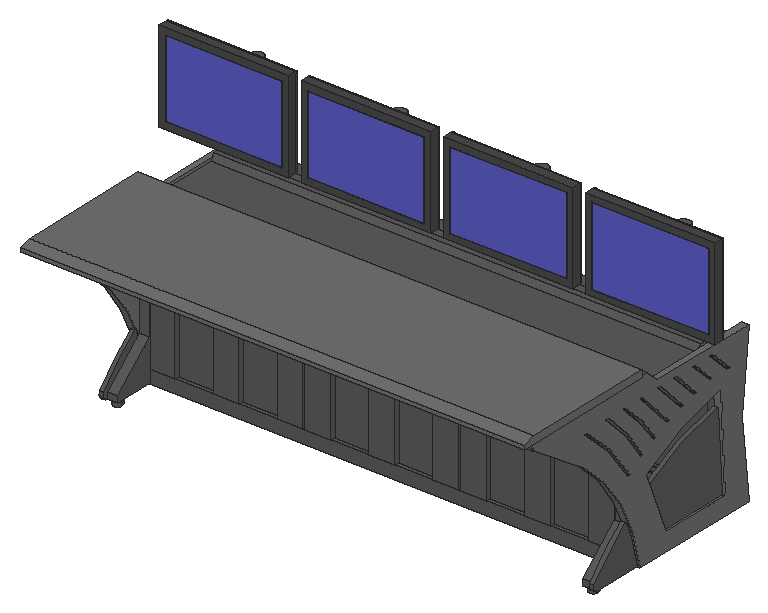
Revit family (continued)
Automatic sketch dimensions
  curve 91 to plane 4 "Left Side" = 0' - 0"
  curve 74 to plane 13 "End Panel Right" = 0' - 0"
  curve 74 to plane 14 "WS Base" = 0' - 0"
  curve 78 to plane 10 "End Frame Left" = 0' - 0"
  curve 78 to plane 20 = 0' - 0"
  curve 105 to plane 21 = 0' - 0"
  curve 98 to plane 22 = 0' - 0"
  curve 73 to plane 16 "Chase Base" = 0' - 0"
  curve 75 to plane 11 "End Frame Right" = 0' - 0"
  curve 75 to plane 16 "Chase Base" = 0' - 0"
  curve 76 to plane 16 "Chase Base" = 0' - 0"
  curve 77 to plane 16 "Chase Base" = 0' - 0"
  curve 74 to plane 12 "End Panel Left" = 0' - 0"
  plane 14 "WS Base" to curve 91 = 0' - 0.56198"
  plane 26 to curve 89 = 0' - 0 1/4"
  curve 90 to plane 26 = 0' - 0 1/4"
  plane 25 to curve 83 = 0' - 0 1/4"
  curve 84 to plane 25 = 0' - 0 1/4"
  level to Sweep 19 sketch curve = 1' - 3.3443"
  profile plane to Sweep 19 sketch curve = 6' - 3.94882"
  Sweep 19 sketch curve to Sweep 19 sketch curve = 1' - 2.35799"
  profile plane to Sweep 19 sketch curve = 0' - 1.58111"
  profile plane to Sweep 19 sketch curve = 0' - 0.00386"  (x2)
  Sweep 19 sketch curve to profile plane = 0' - 3.64404"
  Sweep 19 sketch curve to Sweep 19 sketch curve = 0' - 0 129/256"  (x2)
  Sweep 19 sketch curve to profile plane = 0' - 4.62012"
  Sweep 19 sketch curve to Sweep 19 sketch curve = 0' - 1.23096"
  Sweep 19 sketch curve to Sweep 19 sketch curve = 0' - 2.85205"
  Sweep 19 sketch curve to Sweep 19 sketch curve = 0' - 1.64648"
  Sweep 19 sketch curve to Sweep 19 sketch curve = 0' - 0 9/16"  (x2)
  Sweep 19 sketch curve to Sweep 19 sketch curve = 0' - 2.64404"
  Sweep 19 sketch curve to Sweep 19 sketch curve = 0' - 2.81885"
  Sweep 19 sketch curve to Sweep 19 sketch curve = 0' - 0 105/256"
  Sweep 19 sketch curve to Sweep 19 sketch curve = 0' - 2 7/64"
  Sweep 19 sketch curve to Sweep 19 sketch curve = 0' - 0.37451"
  Sweep 19 sketch curve to Sweep 19 sketch curve = 0' - 3.07666"
  Sweep 19 sketch curve to Sweep 19 sketch curve = 0' - 0.56299"  (x2)
  Sweep 19 sketch curve to Sweep 19 sketch curve = 0' - 2.25977"
  Sweep 19 sketch curve to Sweep 19 sketch curve = 0' - 0.35645"
  Sweep 19 sketch curve to Sweep 19 sketch curve = 0' - 11.37842"
  Sweep 19 sketch curve to Sweep 19 sketch curve = 0' - 2.54443"
  Sweep 19 sketch curve to Sweep 19 sketch curve = 0' - 0.53692"
  Sweep 19 sketch curve to Sweep 19 sketch curve = 0' - 0.55908"
  Sweep 19 sketch curve to Sweep 19 sketch curve = 0' - 2.19824"
  Sweep 19 sketch curve to Sweep 19 sketch curve = 0' - 0.33398"
  Sweep 19 sketch curve to Sweep 19 sketch curve = 0' - 2.00152"
  Sweep 19 sketch curve to Sweep 19 sketch curve = 0' - 1.57861"
  Sweep 19 sketch curve to Sweep 19 sketch curve = 0' - 2.15479"
  Sweep 19 sketch curve to Sweep 19 sketch curve = 0' - 2.81104"  (x2)
  Sweep 19 sketch curve to Sweep 19 sketch curve = 0' - 0.31787"
  level to Sweep 19 sketch curve = 0' - 0 7/8"
  Sweep 19 sketch curve to Sweep 19 sketch curve = 0' - 5.02788"
  Sweep 19 sketch curve to Sweep 19 sketch curve = 0' - 2 17/64"
  Sweep 19 sketch curve to Sweep 19 sketch curve = 0' - 0.28564"
  Sweep 19 sketch curve to Sweep 19 sketch curve = 0' - 0.56982"  (x2)
  Sweep 19 sketch curve to Sweep 19 sketch curve = 0' - 2.8042"
  Sweep 19 sketch curve to Sweep 19 sketch curve = 0' - 3.37012"
  level to Sweep 19 sketch curve = 2' - 0.03979"
  Sweep 19 sketch curve to Sweep 19 sketch curve = 0' - 0.55957"
  Sweep 19 sketch curve to Sweep 19 sketch curve = 0' - 0.09131"
  Sweep 19 sketch curve to level = 0' - 4.56232"
  Sweep 19 sketch curve to Sweep 19 sketch curve = 0' - 11.88909"
  Sweep 19 sketch curve to Sweep 19 sketch curve = 0' - 2.38949"  (x2)
  Sweep 19 sketch curve to Sweep 19 sketch curve = 0' - 0.99186"
  Sweep 19 sketch curve to Sweep 19 sketch curve = 0' - 2.55776"
  Sweep 19 sketch curve to Sweep 19 sketch curve = 0' - 9.28743"
  Sweep 19 sketch curve to Sweep 19 sketch curve = 0' - 2.74843"
  Sweep 19 sketch curve to Sweep 19 sketch curve = 0' - 0.41569"
  Sweep 19 sketch curve to Sweep 19 sketch curve = 0' - 5.72695"
  Sweep 19 sketch curve to Sweep 19 sketch curve = 0' - 0.59263"
  Sweep 19 sketch curve to Sweep 19 sketch curve = 0' - 2.6202"
  Sweep 19 sketch curve to Sweep 19 sketch curve = 0' - 0.08097"
  Sweep 19 sketch curve to Sweep 19 sketch curve = 0' - 0.07024"
  Sweep 19 sketch curve to Sweep 19 sketch curve = 0' - 0.36816"
  Sweep 19 sketch curve to Sweep 19 sketch curve = 0' - 0.58586"
  Sweep 19 sketch curve to Sweep 19 sketch curve = 0' - 2.22484"
  Sweep 19 sketch curve to Sweep 19 sketch curve = 0' - 0.44097"
  Sweep 19 sketch curve to Sweep 19 sketch curve = 0' - 2.17986"
  Sweep 19 sketch curve to Sweep 19 sketch curve = 0' - 0.28243"
  Sweep 19 sketch curve to Sweep 19 sketch curve = 1' - 6.79646"
  Sweep 19 sketch curve to Sweep 19 sketch curve = 0' - 0.00146"
  Sweep 19 sketch curve to level = 0' - 4.85142"
  Sweep 19 sketch curve to Sweep 19 sketch curve = 0' - 0.31446"
  Sweep 19 sketch curve to Sweep 19 sketch curve = 0' - 0.12258"
  Sweep 19 sketch curve to Sweep 19 sketch curve = 0' - 0.15521"
  Sweep 19 sketch curve to Sweep 19 sketch curve = 0' - 0.781"
  Sweep 19 sketch curve to Sweep 19 sketch curve = 0' - 0.296"
  Sweep 19 sketch curve to Sweep 19 sketch curve = 0' - 1.50316"
  Sweep 19 sketch curve to Sweep 19 sketch curve = 0' - 2.38158"
  Sweep 19 sketch curve to Sweep 19 sketch curve = 0' - 0.87989"
  Sweep 19 sketch curve to Sweep 19 sketch curve = 0' - 2.84422"
  Sweep 19 sketch curve to Sweep 19 sketch curve = 0' - 0.92713"
  Sweep 19 sketch curve to Sweep 19 sketch curve = 0' - 4.07876"
  Sweep 19 sketch curve to level = 1' - 2.28322"
  Sweep 19 sketch curve to level = 1' - 8.12967"
  Sweep 19 sketch curve to Sweep 19 sketch curve = 0' - 0.30255"
  Sweep 19 sketch curve to Sweep 19 sketch curve = 0' - 1.2315"
  Sweep 19 sketch curve to Sweep 19 sketch curve = 0' - 1.05808"
  level to Sweep 19 sketch curve = 1' - 1.14014"
  Sweep 19 sketch curve to Sweep 19 sketch curve = 0' - 0.21802"
  Sweep 19 sketch curve to Sweep 19 sketch curve = 0' - 1.44727"
  Sweep 19 sketch curve to Sweep 19 sketch curve = 0' - 0.1814"
  Sweep 19 sketch curve to Sweep 19 sketch curve = 0' - 1.17285"
  Sweep 19 sketch curve to Sweep 19 sketch curve = 0' - 0.16138"
  Sweep 19 sketch curve to Sweep 19 sketch curve = 0' - 0.98853"
  Sweep 19 sketch curve to Sweep 19 sketch curve = 0' - 0.13965"
  Sweep 19 sketch curve to Sweep 19 sketch curve = 0' - 0.84155"
  Sweep 19 sketch curve to Sweep 19 sketch curve = 0' - 0.11792"
  Sweep 19 sketch curve to Sweep 19 sketch curve = 0' - 0.61548"
  Sweep 19 sketch curve to Sweep 19 sketch curve = 0' - 0.10498"
  Sweep 19 sketch curve to Sweep 19 sketch curve = 0' - 0.56689"
  Sweep 19 sketch curve to Sweep 19 sketch curve = 0' - 2.12065"
  Sweep 19 sketch curve to Sweep 19 sketch curve = 0' - 1.96802"
  Sweep 19 sketch curve to Sweep 19 sketch curve = 0' - 0.6204"
  Sweep 20 sketch curve to level = 1' - 2.28322"
  profile plane to Sweep 20 sketch curve = 6' - 2.74823"
  Sweep 20 sketch curve to level = 0' - 5.92842"
  Sweep 20 sketch curve to Sweep 20 sketch curve = 1' - 6.79646"
  Sweep 20 sketch curve to Sweep 20 sketch curve = 0' - 0.28243"
  Sweep 20 sketch curve to Sweep 20 sketch curve = 0' - 2.17986"
  Sweep 20 sketch curve to Sweep 20 sketch curve = 0' - 0.44097"
  Sweep 20 sketch curve to Sweep 20 sketch curve = 0' - 2.52908"
  Sweep 20 sketch curve to Sweep 20 sketch curve = 0' - 2.22484"
  Sweep 20 sketch curve to Sweep 20 sketch curve = 0' - 0.29792"
  Sweep 20 sketch curve to Sweep 20 sketch curve = 0' - 0.07024"
  Sweep 20 sketch curve to Sweep 20 sketch curve = 0' - 0.15121"
  Sweep 20 sketch curve to Sweep 20 sketch curve = 0' - 2.6202"
  Sweep 20 sketch curve to Sweep 20 sketch curve = 0' - 3.2938"
  Sweep 20 sketch curve to Sweep 20 sketch curve = 0' - 9.37494"
  Sweep 20 sketch curve to Sweep 20 sketch curve = 0' - 5.72695"
  Sweep 20 sketch curve to Sweep 20 sketch curve = 0' - 0.41569"
  Sweep 20 sketch curve to Sweep 20 sketch curve = 0' - 2.58016"
  Sweep 20 sketch curve to Sweep 20 sketch curve = 0' - 2.74843"
  Sweep 20 sketch curve to Sweep 20 sketch curve = 0' - 2.55776"
  Sweep 20 sketch curve to Sweep 20 sketch curve = 0' - 0.99186"
  Sweep 20 sketch curve to Sweep 20 sketch curve = 0' - 2.38949"
  Sweep 20 sketch curve to Sweep 20 sketch curve = 0' - 9.61182"
  Sweep 20 sketch curve to Sweep 20 sketch curve = 0' - 0.09131"
  Sweep 20 sketch curve to Sweep 20 sketch curve = 0' - 0.55957"
  Sweep 20 sketch curve to Sweep 20 sketch curve = 0' - 3.37012"
  Sweep 20 sketch curve to Sweep 20 sketch curve = 0' - 0.56982"  (x2)
  Sweep 20 sketch curve to Sweep 20 sketch curve = 0' - 2.8042"
  Sweep 20 sketch curve to Sweep 20 sketch curve = 0' - 0.63232"
  Sweep 20 sketch curve to Sweep 20 sketch curve = 0' - 0.28564"
  Sweep 20 sketch curve to Sweep 20 sketch curve = 0' - 2.81104"  (x2)
  level to Sweep 20 sketch curve = 0' - 0 7/8"
  Sweep 20 sketch curve to Sweep 20 sketch curve = 0' - 11.88909"
  Sweep 20 sketch curve to Sweep 20 sketch curve = 0' - 2 17/64"
  Sweep 20 sketch curve to Sweep 20 sketch curve = 0' - 0.56299"  (x2)
  Sweep 20 sketch curve to Sweep 20 sketch curve = 0' - 0.31787"
  Sweep 20 sketch curve to Sweep 20 sketch curve = 0' - 0.89404"
  Sweep 20 sketch curve to Sweep 20 sketch curve = 0' - 0.83168"
  Sweep 20 sketch curve to Sweep 20 sketch curve = 0' - 2.15479"
  Sweep 20 sketch curve to Sweep 20 sketch curve = 0' - 0.33398"
  Sweep 20 sketch curve to Sweep 20 sketch curve = 0' - 0.02216"
  Sweep 20 sketch curve to Sweep 20 sketch curve = 0' - 0.55908"
  level to Sweep 20 sketch curve = 0' - 3.71826"
  Sweep 20 sketch curve to Sweep 20 sketch curve = 0' - 5.02788"
  Sweep 20 sketch curve to Sweep 20 sketch curve = 0' - 2.19824"
  Sweep 20 sketch curve to Sweep 20 sketch curve = 0' - 0.35645"
  Sweep 20 sketch curve to Sweep 20 sketch curve = 0' - 2.54443"
  Sweep 20 sketch curve to Sweep 20 sketch curve = 0' - 2.25977"
  Sweep 20 sketch curve to Sweep 20 sketch curve = 0' - 0.37451"
  Sweep 20 sketch curve to Sweep 20 sketch curve = 0' - 3.07666"
  Sweep 20 sketch curve to Sweep 20 sketch curve = 0' - 2 7/64"
  Sweep 20 sketch curve to Sweep 20 sketch curve = 0' - 0 9/16"  (x2)
  Sweep 20 sketch curve to Sweep 20 sketch curve = 0' - 0 105/256"
  Sweep 20 sketch curve to Sweep 20 sketch curve = 0' - 2.81885"
  Sweep 20 sketch curve to Sweep 20 sketch curve = 0' - 2.64404"
  Sweep 20 sketch curve to Sweep 20 sketch curve = 0' - 0 129/256"  (x2)
  Sweep 20 sketch curve to Sweep 20 sketch curve = 0' - 1.64648"
  profile plane to Sweep 20 sketch curve = 0' - 4.62012"
  Sweep 20 sketch curve to Sweep 20 sketch curve = 0' - 1.23096"
  Sweep 20 sketch curve to profile plane = 0' - 0.00386"  (x2)
  Sweep 20 sketch curve to profile plane = 0' - 1.58111"
  level to Sweep 20 sketch curve = 1' - 1.14014"
  Sweep 20 sketch curve to profile plane = 5' - 1.59083"
  Sweep 20 sketch curve to Sweep 20 sketch curve = 1' - 2.35799"
  Sweep 20 sketch curve to level = 1' - 8.12967"
  Sweep 20 sketch curve to Sweep 20 sketch curve = 0' - 6.31566"
  Sweep 20 sketch curve to Sweep 20 sketch curve = 0' - 3.15164"
  Sweep 20 sketch curve to Sweep 20 sketch curve = 0' - 0.92713"
  Sweep 20 sketch curve to level = 0' - 6.94683"
  Sweep 20 sketch curve to Sweep 20 sketch curve = 0' - 0.00146"
  Sweep 20 sketch curve to Sweep 20 sketch curve = 0' - 0.87989"
  Sweep 20 sketch curve to Sweep 20 sketch curve = 0' - 0.296"
  Sweep 20 sketch curve to Sweep 20 sketch curve = 0' - 2.84422"
  Sweep 20 sketch curve to Sweep 20 sketch curve = 0' - 0.03264"
  Sweep 20 sketch curve to Sweep 20 sketch curve = 0' - 0.15521"
  Sweep 20 sketch curve to Sweep 20 sketch curve = 0' - 0.781"
  Sweep 20 sketch curve to Sweep 20 sketch curve = 0' - 2.38158"
  Sweep 20 sketch curve to Sweep 20 sketch curve = 0' - 2.38305"
  Sweep 20 sketch curve to Sweep 20 sketch curve = 0' - 0.30255"
  Sweep 20 sketch curve to Sweep 20 sketch curve = 0' - 1.2315"
  Sweep 20 sketch curve to Sweep 20 sketch curve = 0' - 1.05808"
  Sweep 20 sketch curve to Sweep 20 sketch curve = 0' - 1.21143"
  Sweep 20 sketch curve to Sweep 20 sketch curve = 0' - 0.21802"
  Sweep 20 sketch curve to Sweep 20 sketch curve = 0' - 1.44727"
  Sweep 20 sketch curve to Sweep 20 sketch curve = 0' - 0.1814"
  Sweep 20 sketch curve to Sweep 20 sketch curve = 0' - 1.17285"
  Sweep 20 sketch curve to Sweep 20 sketch curve = 0' - 0.16138"
  Sweep 20 sketch curve to Sweep 20 sketch curve = 0' - 0.98853"
  Sweep 20 sketch curve to Sweep 20 sketch curve = 0' - 0.13965"
  Sweep 20 sketch curve to Sweep 20 sketch curve = 0' - 0.84155"
  Sweep 20 sketch curve to Sweep 20 sketch curve = 0' - 0.11792"
  Sweep 20 sketch curve to Sweep 20 sketch curve = 0' - 0.61548"
  Sweep 20 sketch curve to Sweep 20 sketch curve = 0' - 0.10498"
  Sweep 20 sketch curve to Sweep 20 sketch curve = 0' - 0.56689"
  Sweep 20 sketch curve to Sweep 20 sketch curve = 0' - 2.12065"
  Sweep 20 sketch curve to Sweep 20 sketch curve = 0' - 1.96802"
  Sweep 20 sketch curve to Sweep 20 sketch curve = 0' - 0.6204"
  Sweep 21 sketch curve to profile plane = 0' - 0"
  profile plane to Sweep 21 sketch curve = 0' - 2 1/4"
  Sweep 21 sketch curve to Sweep 21 sketch curve = 0' - 0.80801"
  Sweep 21 sketch curve to Sweep 21 sketch curve = 0' - 10.81699"
  level to Sweep 21 sketch curve = 0' - 3.44055"
  Sweep 21 sketch curve to Sweep 21 sketch curve = 1' - 3.19199"
  Sweep 21 sketch curve to Sweep 21 sketch curve = 0' - 4.37513"
  Sweep 21 sketch curve to Sweep 21 sketch curve = 0' - 2.74987"
  level to Sweep 21 sketch curve = 0' - 1.8336"
  Sweep 21 sketch curve to Sweep 21 sketch curve = 0' - 6.1372"
  level to Sweep 21 sketch curve = 0' - 0 7/8"
  Sweep 21 sketch curve to Sweep 21 sketch curve = 0' - 3.9099"
  Sweep 21 sketch curve to Sweep 21 sketch curve = 1' - 5.43445"
  Sweep 21 sketch curve to Sweep 21 sketch curve = 0' - 2 1/4"
  Sweep 21 sketch curve to Sweep 21 sketch curve = 0' - 3 1/2"
  Sweep 21 sketch curve to Sweep 21 sketch curve = 0' - 1 1/4"
  Sweep 22 sketch curve to profile plane = 0' - 0"
  Sweep 22 sketch curve to profile plane = 0' - 2 1/4"
  Sweep 22 sketch curve to profile plane = 0' - 3.05801"
  Sweep 22 sketch curve to Sweep 22 sketch curve = 0' - 10.81699"
  level to Sweep 22 sketch curve = 0' - 3.44055"
  Sweep 22 sketch curve to Sweep 22 sketch curve = 1' - 3.19199"
  Sweep 22 sketch curve to Sweep 22 sketch curve = 0' - 4.37513"
  Sweep 22 sketch curve to Sweep 22 sketch curve = 0' - 2.74987"
  level to Sweep 22 sketch curve = 0' - 1.8336"
  Sweep 22 sketch curve to Sweep 22 sketch curve = 0' - 6.1372"
  level to Sweep 22 sketch curve = 0' - 0 7/8"
  Sweep 22 sketch curve to Sweep 22 sketch curve = 0' - 3.9099"
  Sweep 22 sketch curve to Sweep 22 sketch curve = 1' - 5.43445"
  Sweep 22 sketch curve to Sweep 22 sketch curve = 0' - 2 1/4"
  Sweep 22 sketch curve to Sweep 22 sketch curve = 0' - 3 1/2"
  Sweep 22 sketch curve to Sweep 22 sketch curve = 0' - 1 1/4"
  Sweep 23 sketch curve to level = 1' - 2.28322"
  profile plane to Sweep 23 sketch curve = 6' - 2.75913"
  Sweep 23 sketch curve to level = 0' - 3.93438"
  Sweep 23 sketch curve to Sweep 23 sketch curve = 1' - 11.93545"
  level to Sweep 23 sketch curve = 0' - 2.021"
  Sweep 23 sketch curve to Sweep 23 sketch curve = 1' - 9.51469"
  Sweep 23 sketch curve to Sweep 23 sketch curve = 0' - 0.6377"
  Sweep 23 sketch curve to Sweep 23 sketch curve = 0' - 0.0113"
  level to Sweep 23 sketch curve = 0' - 8.14451"
  Sweep 23 sketch curve to Sweep 23 sketch curve = 0' - 5.49688"
  level to Sweep 23 sketch curve = 0' - 0 7/8"
  Sweep 23 sketch curve to Sweep 23 sketch curve = 0' - 4.34221"
  level to Sweep 23 sketch curve = 0' - 3.71655"
  Sweep 23 sketch curve to Sweep 23 sketch curve = 0' - 5.02788"
  profile plane to Sweep 23 sketch curve = 0' - 5.45076"
  profile plane to Sweep 23 sketch curve = 0' - 4.62012"
  Sweep 23 sketch curve to profile plane = 0' - 1.39548"
  Sweep 23 sketch curve to Sweep 23 sketch curve = 0' - 0.00164"
  level to Sweep 23 sketch curve = 1' - 3.3443"
  Sweep 23 sketch curve to profile plane = 6' - 3.94882"
  level to Sweep 24 sketch curve = 1' - 3.3443"
  profile plane to Sweep 24 sketch curve = 6' - 3.94882"
  profile plane to Sweep 24 sketch curve = 0' - 1.39712"
  Sweep 24 sketch curve to Sweep 24 sketch curve = 0' - 0.00164"
  Sweep 24 sketch curve to profile plane = 0' - 4.62012"
  Sweep 24 sketch curve to profile plane = 0' - 5.45076"
  Sweep 24 sketch curve to Sweep 24 sketch curve = 0' - 11.37842"
  Sweep 24 sketch curve to Sweep 24 sketch curve = 0' - 2.82236"
  level to Sweep 24 sketch curve = 0' - 0 7/8"
  Sweep 24 sketch curve to Sweep 24 sketch curve = 0' - 5.02788"
  Sweep 24 sketch curve to Sweep 24 sketch curve = 0' - 4.34221"
  level to Sweep 24 sketch curve = 0' - 1.63171"
  Sweep 24 sketch curve to Sweep 24 sketch curve = 0' - 7.63357"
  Sweep 24 sketch curve to Sweep 24 sketch curve = 0' - 0.0113"
  Sweep 24 sketch curve to Sweep 24 sketch curve = 0' - 0.649"
  Sweep 24 sketch curve to level = 0' - 3.93438"
  Sweep 24 sketch curve to Sweep 24 sketch curve = 1' - 9.51469"
  Sweep 24 sketch curve to Sweep 24 sketch curve = 1' - 11.93545"
  Sweep 24 sketch curve to Sweep 24 sketch curve = 0' - 0.08212"
  Sweep 24 sketch curve to level = 1' - 2.28322"
  Extrusion 25 sketch curve to Extrusion 25 sketch curve = 0' - 11.98542"
  Extrusion 25 sketch curve to Extrusion 25 sketch curve = 0' - 1.8658"
  Extrusion 25 sketch curve to Extrusion 25 sketch curve = 0' - 2 15/16"
  Extrusion 26 sketch curve to Extrusion 26 sketch curve = 0' - 11.98542"
  Extrusion 26 sketch curve to Extrusion 26 sketch curve = 0' - 1.8658"
  Extrusion 26 sketch curve to Extrusion 26 sketch curve = 0' - 2 15/16"
  radius of Extrusion 10 sketch curve = 0' - 0 11/16"
  radius of Extrusion 11 sketch curve = 0' - 0 1/4"
  radius of Extrusion 12 sketch curve = 0' - 0 11/16"
  radius of Extrusion 13 sketch curve = 0' - 0 1/4"
  radius of Extrusion 14 sketch curve = 0' - 0 11/16"
  radius of Extrusion 15 sketch curve = 0' - 0 1/4"
  radius of Extrusion 16 sketch curve = 0' - 0 11/16"
  radius of Extrusion 17 sketch curve = 0' - 0 1/4"
Nested families (in)
  nested 1: "Monitor Post" at (-33, -5.5, 24.62402), type "Monitor Post"
  nested 2: "Monitor Post" at (-11, -5.5, 24.62402), type "Monitor Post"
  nested 3: "Monitor Post" at (11, -5.5, 24.62402), type "Monitor Post"
  nested 4: "Monitor Post" at (33, -5.5, 24.62402), type "Monitor Post"
Definition of nested family "Monitor Post"
  Parameters (values of type "Monitor Post")
    URL = "www.winsted.com"
    Product Page URL = "http://catalog2012.winsted.com/full.asp?page=16"
    Model = "W5671"
    Manufacturer = "Winsted Corporation"  # constant formula
    Description = "Single Monitor Post Mount"  # constant formula
    Console Material = Powder Coating - Winsted Corporation - BL - Black
    Assembly Code = ""
  Reference planes (in)
    plane 1 "Center (Front/Back)": y = 0
    plane 2: z = 0
    plane 3 "Center (Left/Right)": x = 0
    plane 4 "Monitor Post Clamp Level": z = 8.39844
    plane 5 "Front": y = -4.8125
    plane 6 "Monitor Holder Center": z = 12.12891
    plane 7 "Top": z = 15.25
  Forms (in)
    Extrusion 1, solid, material "Powder Coating - Winsted Corporation - BL - Black" <- "Console Material", detail levels medium+fine
      sketch origin (0, 1.4375, 0) x (1, 0, 0) y (0, 1, 0)
        loop
          line (1.6875, 0) -> (-1.6875, 0)
          arc (-1.6875, 0) -> (-2.23281, -1.43656) -> (-1.6925, -2.875) r 2.17486
          line (-1.6925, -2.875) -> (1.6875, -2.875)
          arc (1.6875, -2.875) -> (2.22103, -1.4375) -> (1.6875, 0) r 2.2033
      from 0 to 0.25
    Extrusion 2, solid, material "Powder Coating - Winsted Corporation - BL - Black" <- "Console Material", detail levels medium+fine
      sketch origin (0, 0, 0.25) x (0, 1, 0) y (-1, 0, 0)
        loop
          circle (0, 0) r 1
      from 0 to 15
    Extrusion 3, solid, material "Powder Coating - Winsted Corporation - BL - Black" <- "Console Material", detail levels fine
      sketch origin (0, 0, 8.39844) x (0, 1, 0) y (-1, 0, 0)
        loop
          arc (0.00161, 1.0025) -> (1.00161, 0.0025) -> (0.00161, -0.9975) r 1
          line (0.00161, -0.9975) -> (0.00161, -1.7475) -> (0.6305, -1.7475)
          arc (0.6305, -1.7475) -> (1.0226, -1.6092) -> (1.24118, -1.25552) r 0.625
          arc (1.24118, -1.25552) -> (1.37661, 0.0025) -> (1.24118, 1.26052) r 5.9108
          arc (1.24118, 1.26052) -> (1.0226, 1.6142) -> (0.6305, 1.7525) r 0.625
          line (0.6305, 1.7525) -> (0.00161, 1.7525) -> (0.00161, 1.0025)
        loop
          line (-0.57073, 0.81746) -> (-0.57073, 1.7525) -> (-0.85587, 1.7525)
          arc (-0.85587, 1.7525) -> (-1.24859, 1.61496) -> (-1.46655, 1.26052) r 0.6216
          arc (-1.46655, 1.26052) -> (-1.5979, 0.0025) -> (-1.46655, -1.25552) r 6.0901
          arc (-1.46655, -1.25552) -> (-1.25093, -1.61287) -> (-0.85587, -1.7475) r 0.60906
          line (-0.85587, -1.7475) -> (-0.57073, -1.7475) -> (-0.57073, -0.81246)
          arc (-0.57073, -0.81246) -> (-1, 0.0025) -> (-0.57073, 0.81746) r 0.98823
      from 0 to 1.75
    Extrusion 4, solid, material "Powder Coating - Winsted Corporation - BL - Black" <- "Console Material", detail levels medium+fine
      sketch origin (0, -4.75, 12.12891) x (0, 0, 1) y (-1, 0, 0)
        loop
          arc (0.11609, 2.255) -> (-0.42714, 2.18859) -> (-0.93838, 1.99328) r 2.255
          arc (-0.93838, 1.99328) -> (-1.29176, 1.94976) -> (-1.58451, 2.15243) r 0.5
          arc (-1.58451, 2.15243) -> (-2.08233, 2.19841) -> (-2.03635, 1.70059) r 0.325
          arc (-2.03635, 1.70059) -> (-1.83368, 1.40784) -> (-1.8772, 1.05445) r 0.5
          arc (-1.8772, 1.05445) -> (-2.13892, 0) -> (-1.8772, -1.05445) r 2.255
          arc (-1.8772, -1.05445) -> (-1.83368, -1.40784) -> (-2.03635, -1.70059) r 0.5
          arc (-2.03635, -1.70059) -> (-2.08233, -2.19841) -> (-1.58451, -2.15243) r 0.325
          arc (-1.58451, -2.15243) -> (-1.29176, -1.94976) -> (-0.93838, -1.99328) r 0.5
          arc (-0.93838, -1.99328) -> (-0.42714, -2.18859) -> (0.11609, -2.255) r 2.255
          arc (0.11609, -2.255) -> (0.65931, -2.18859) -> (1.17055, -1.99328) r 2.255
          arc (1.17055, -1.99328) -> (1.52393, -1.94976) -> (1.81668, -2.15243) r 0.5
          arc (1.81668, -2.15243) -> (2.3145, -2.19841) -> (2.26852, -1.70059) r 0.325
          arc (2.26852, -1.70059) -> (2.06585, -1.40784) -> (2.10937, -1.05445) r 0.5
          arc (2.10937, -1.05445) -> (2.37109, 0) -> (2.10937, 1.05445) r 2.255
          arc (2.10937, 1.05445) -> (2.06585, 1.40784) -> (2.26852, 1.70059) r 0.5
          arc (2.26852, 1.70059) -> (2.3145, 2.19841) -> (1.81668, 2.15243) r 0.325
          arc (1.81668, 2.15243) -> (1.52393, 1.94976) -> (1.17055, 1.99328) r 0.5
          arc (1.17055, 1.99328) -> (0.65931, 2.18859) -> (0.11609, 2.255) r 2.255
      from 0 to 0.0625
    Revolve 5, solid, material "Powder Coating - Winsted Corporation - BL - Black" <- "Console Material", detail levels medium+fine
      sketch origin (0, 0, 0) x (0, 1, 0) y (0, 0, 1)
        loop
          arc (-3.39316, 12.62891) -> (-3.89501, 13.55901) -> (-4.75, 14.18025) r 2.38072
          line (-4.75, 14.18025) -> (-4.75, 12.12891) -> (-3.28206, 12.12891) -> (-3.28206, 12.62891) -> (-3.39316, 12.62891)
        axis (-4.75, 12.12891) -> (-3.28206, 12.12891)
      angle from 0 to 360
    Extrusion 6, solid, material "Powder Coating - Winsted Corporation - BL - Black" <- "Console Material", detail levels medium+fine
      sketch origin (0, 0, 11.62891) x (0, 1, 0) y (-1, 0, 0)
        loop
          line (-3.28206, 0.57068) -> (-3.28206, -0.55868) -> (-1.6113, -0.55868)
          arc (-1.6113, -0.55868) -> (-1.04662, 0.006) -> (-1.6113, 0.57068) r 0.56468
          line (-1.6113, 0.57068) -> (-3.28206, 0.57068)
      from 0 to 1
    Extrusion 7, solid, material "Powder Coating - Winsted Corporation - BL - Black" <- "Console Material", detail levels fine
      sketch origin (0, 0, 10.14844) x (0, 1, 0) y (-1, 0, 0)
        loop
          circle (-1.24693, 0) r 0.16667
      from 0 to 1.48047
  Lines and regions (in)
    Masking region 1
      outline origin (0, 0, 15.25) x (-1, 0, 0) y (0, -1, 0)
        loop
          line (-1.6875, -1.4375) -> (1.6875, -1.4375)
          arc (1.6875, -1.4375) -> (2.23281, -0.00094) -> (1.6925, 1.4375) r 2.17486
          line (1.6925, 1.4375) -> (0.53994, 1.4375)
          arc (0.53994, 1.4375) -> (0.56294, 1.52305) -> (0.57068, 1.6113) r 0.50674
          line (0.57068, 1.6113) -> (0.57068, 3.28206) -> (0.50054, 3.28206) -> (0.50054, 3.39316)
          arc (0.50054, 3.39316) -> (1.43243, 3.89264) -> (2.05117, 4.75) r 2.3508
          line (2.05117, 4.75) -> (2.2936, 4.75) -> (2.2936, 4.8125) -> (10, 4.8125) -> (10, 6.39063) -> (-10, 6.39063) -> (-10, 4.8125) -> (-2.2936, 4.8125) -> (-2.2936, 4.75) -> (-2.05117, 4.75)
          arc (-2.05117, 4.75) -> (-1.43243, 3.89264) -> (-0.50054, 3.39316) r 2.3508
          line (-0.50054, 3.39316) -> (-0.50054, 3.28206) -> (-0.55868, 3.28206) -> (-0.55868, 1.6113)
          arc (-0.55868, 1.6113) -> (-0.55178, 1.52332) -> (-0.53127, 1.4375) r 0.56468
          line (-0.53127, 1.4375) -> (-1.6875, 1.4375)
          arc (-1.6875, 1.4375) -> (-2.22103, 0) -> (-1.6875, -1.4375) r 2.2033
    Masking region 2
      outline origin (0, 0, 0) x (0, 1, 0) y (0, 0, 1)
        loop
          line (1, 15.25) -> (-1, 15.25) -> (-1, 12.62891) -> (-3.39316, 12.62891)
          arc (-3.39316, 12.62891) -> (-3.89501, 13.55901) -> (-4.75, 14.18025) r 2.38072
          line (-4.75, 14.18025) -> (-4.75, 14.5386) -> (-4.8125, 14.5386) -> (-4.8125, 18.78125) -> (-6.39063, 18.78125) -> (-6.39063, 4.71875) -> (-4.8125, 4.71875) -> (-4.8125, 9.95138) -> (-4.75, 9.95138) -> (-4.75, 10.07757)
          arc (-4.75, 10.07757) -> (-3.88921, 10.69373) -> (-3.39316, 11.62891) r 2.31266
          line (-3.39316, 11.62891) -> (-1, 11.62891) -> (-1, 0.25) -> (-1.4375, 0.25) -> (-1.4375, 0) -> (1.4375, 0) -> (1.4375, 0.25) -> (1, 0.25) -> (1, 15.25)
    Masking region 3
      outline origin (0, -4.8125, 0) x (1, 0, 0) y (0, 0, 1)
        loop
          line (-1, 0.25) -> (-2.23281, 0.25) -> (-2.23281, 0) -> (2.22103, 0) -> (2.22103, 0.25) -> (1, 0.25) -> (1, 4.71875) -> (10, 4.71875) -> (10, 18.78125) -> (-10, 18.78125) -> (-10, 4.71875) -> (-1, 4.71875) -> (-1, 0.25)
    symbolic lines, detail levels medium+fine
      curve 1: circle (0, 0, 0) r 1 normal (0, 0, 1)
      curve 16: line (0, 1.00161, 10.14844) -> (0, 1.37661, 10.14844)
      curve 17: line (0, 1.37661, 10.14844) -> (0, 1.37661, 8.39844)
      curve 18: line (0, 1.37661, 8.39844) -> (0, 1.00161, 8.39844)
      curve 19: line (0, -1.08026, 10.14844) -> (0, -1.5979, 10.14844)
      curve 20: line (0, -1.5979, 10.14844) -> (0, -1.5979, 8.39844)
      curve 21: line (0, -1.5979, 8.39844) -> (0, -1, 8.39844)
      curve 27: line (-9, 0, 17.78125) -> (9, 0, 17.78125)
      curve 28: line (-9, 0, 5.71875) -> (-9, 0, 17.78125)
      curve 29: line (9, 0, 5.71875) -> (-9, 0, 5.71875)
      curve 30: line (9, 0, 17.78125) -> (9, 0, 5.71875)
    symbolic lines, detail levels fine
      curve 2: arc (1.25552, 1.24118, 0) -> (-0.0025, 1.37661, 0) -> (-1.26052, 1.24118, 0) r 5.9108
      curve 3: arc (-1.26052, 1.24118, 0) -> (-1.6142, 1.0226, 0) -> (-1.7525, 0.6305, 0) r 0.625
      curve 4: line (-1.7525, 0.6305, 0) -> (-1.7525, 0.00161, 0)
      curve 5: line (-1.7525, 0.00161, 0) -> (-1, 0.00161, 0)
      curve 6: line (1, 0.00161, 0) -> (1.7475, 0.00161, 0)
      curve 7: line (1.7475, 0.00161, 0) -> (1.7475, 0.6305, 0)
      curve 8: arc (1.7475, 0.6305, 0) -> (1.6092, 1.0226, 0) -> (1.25552, 1.24118, 0) r 0.625
      curve 9: line (1.7475, -0.57073, 0) -> (0.81246, -0.57073, 0)
      curve 10: line (1.7475, -0.85587, 0) -> (1.7475, -0.57073, 0)
      curve 11: arc (1.25552, -1.46655, 0) -> (1.61287, -1.25093, 0) -> (1.7475, -0.85587, 0) r 0.60906
      curve 12: arc (-1.26052, -1.46655, 0) -> (-0.0025, -1.5979, 0) -> (1.25552, -1.46655, 0) r 6.0901
      curve 13: arc (-1.7525, -0.85587, 0) -> (-1.61496, -1.24859, 0) -> (-1.26052, -1.46655, 0) r 0.6216
      curve 14: line (-0.81746, -0.57073, 0) -> (-1.7525, -0.57073, 0)
      curve 15: line (-1.7525, -0.57073, 0) -> (-1.7525, -0.85587, 0)
      curve 22: line (0, -1.41359, 11.62891) -> (0, -1.41359, 10.14844)
      curve 23: line (0, -1.08026, 11.62891) -> (0, -1.08026, 10.14844)
      curve 24: line (0, -4.75, 14.5386) -> (0, -4.75, 9.95138)
      curve 25: line (0, -1, 0.25) -> (0, 1, 0.25)
      curve 26: line (1, 0, 0.25) -> (-1, 0, 0.25)
      curve 31: line (-10, 0, 5.21875) -> (10, 0, 5.21875)
      curve 32: line (-9, -6.39063, 0) -> (-9, -6.3125, 0)
      curve 33: line (-9, -6.3125, 0) -> (9, -6.3125, 0)
      curve 34: line (9, -6.3125, 0) -> (9, -6.39063, 0)
      curve 35: line (0, -6.39063, 17.78125) -> (0, -6.3125, 17.78125)
      curve 36: line (0, -6.3125, 17.78125) -> (0, -6.3125, 5.71875)
      curve 37: line (0, -6.3125, 5.71875) -> (0, -6.39063, 5.71875)
  Dimensions and locks (in)
    aligned and locked: plane 2 to level
    aligned and locked: Revolve 5 to Extrusion 6
    aligned and locked: Masking region 3 sketch curve to nested 1  (x3)
    aligned and locked: nested 1 to Masking region 3 sketch curve
    aligned and locked: curve 27 to nested 1
    aligned and locked: curve 28 to nested 1
    aligned and locked: curve 29 to nested 1
    aligned and locked: curve 30 to nested 1
  Nested families (in)
    nested 1: "Generic 20 Inch Wide Screen Monitor" at (0, -4.8125, 11.75) x (-1, 0, 0) z (0, -1, 0), type "Generic 20 Inch Wide Screen Monitor", detail levels fine
  Definition of nested family "Generic 20 Inch Wide Screen Monitor"
    Parameters (values of type "Generic 20 Inch Wide Screen Monitor")
      Default Elevation = 4' - 0"
    Reference planes (in)
      plane 1 "Center (Front/Back)": y = 0
      plane 2: z = 0
      plane 3 "Center (Left/Right)": x = 0
    Forms (in)
      Extrusion 1, solid
        sketch origin (0, 0, 0) x (1, 0, 0) y (0, 1, 0)
          loop
            line (-48, 48) -> (-48, -48) -> (48, -48) -> (48, 48) -> (-48, 48)
        from 0 to -12
      Extrusion 2, solid, material "Plastic - Winsted Corporation - BL - Black"
        sketch origin (0, 7.03125, 0) x (1, 0, 0) y (0, 1, 0)
          loop
            line (-10, 0) -> (-10, -14.0625) -> (10, -14.0625) -> (10, 0) -> (-10, 0)
        from 0 to 0.07813
      Extrusion 3, solid, material "Plastic - Winsted Corporation - BL - Black"
        sketch origin (0, 7.03125, 0.07812) x (1, 0, 0) y (0, 1, 0)
          loop
            line (-10, 0) -> (-10, -14.0625) -> (10, -14.0625) -> (10, 0) -> (-10, 0)
          loop
            line (-9, -1) -> (-9, -13.0625) -> (9, -13.0625) -> (9, -1) -> (-9, -1)
        from 0 to 1.5
      Extrusion 4, solid, material "Plastic - Winsted Corporation - BLU - Blue"
        sketch origin (0, 7.03125, 1.57812) x (1, 0, 0) y (0, 1, 0)
          loop
            line (-9, -1) -> (-9, -13.0625) -> (9, -13.0625) -> (9, -1) -> (-9, -1)
        from 0 to -0.07813
    Dimensions and locks (in)
      aligned and locked: plane 2 to Extrusion 1
      aligned and locked: level to Extrusion 1
      aligned: plane 1 "Center (Front/Back)" to Extrusion 2 sketch curve
      aligned and locked: Extrusion 3 sketch curve to Extrusion 2  (x4)
      aligned and locked: Extrusion 4 sketch curve to Extrusion 3  (x4)
Types (4): name | VIZ 48" | VIZ 72" | Type Comments | No of Monitor Posts | No of Brackets | Monitor Post Spacing | Monitor Post Offset | Model | Length | Keynote | Description
  (no name) | yes | yes | "72 Inch Sight-Line Console" | 4 | 4 | 1' - 10" | 0' - 3" | "W5721" | 6' - 6" | "72 Inch Sight-Line Console" | "72 Inch Sight-Line Console comes with four monitor mounts."
  72" Chase | yes | yes | "72 Inch Sight-Line Console" | 4 | 4 | 1' - 10" | 0' - 3" | "W5721" | 6' - 6" | "72 Inch Sight-Line Console" | "72 Inch Sight-Line Console comes with four monitor mounts."
  48" Chase | yes | no | "48 Inch Sight-Line Console" | 2 | 3 | 2' - 0" | 1' - 0" | "W9802" | 4' - 6" | "48 Inch Sight-Line Console" | "48 Inch Sight-Line Console comes with Two monitor mounts."
  24" Chase | no | no | "24 Inch Sight-Line Console" | 2 | 2 | 0' - 0 3/256" | 1' - 0" | "W9801" | 2' - 6" | "24 Inch Sight-Line Console" | "24 Inch Sight-Line Console comes with Single monitor mount."
